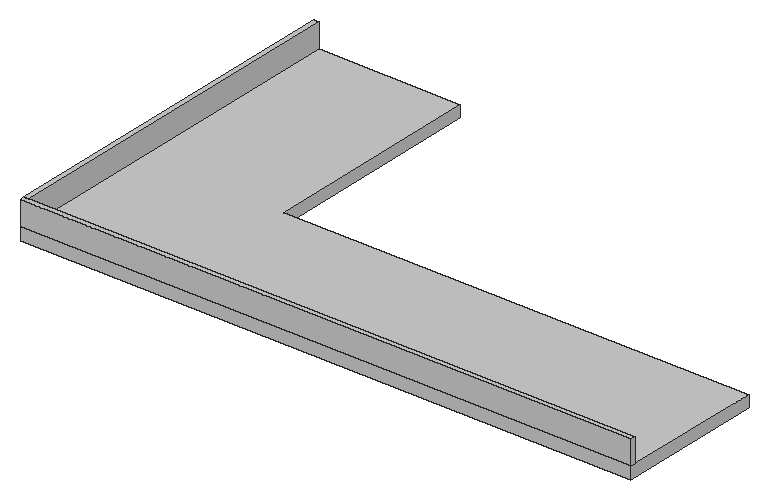
Revit family "Bancada_Lab_Ele_Seca", category Plumbing Fixtures, Revit 2025
Family settings
  Round Connector Dimension = Use Diameter
  Part Type = Normal
  OmniClass Number = 23.40.20.00
  OmniClass Title = General Furniture and Specialties
  Work Plane-Based = No
  Enable Cutting in Views = No
  Always vertical = Yes
  Cut with Voids When Loaded = No
  Maintain Annotation Orientation = No
  Shared = No
  Room Calculation Point = Yes
Parameters (values of type "BAN_060x090_ELE_SEC_LAB")
  Material_Bancada [instance] = CT_Bancadas_Labs
  Description = "Descrição do tipo"
  Default Elevation = 0.000 m
  Bancada_Profundidade = 0.600 m
  Bancada_Frente_2 [instance] = 1.500 m
  Bancada_Frente_1 [instance] = 2.500 m
  Bancada_Altura = 0.900 m
Reference planes (m)
  plane 1: y = -0.02
  plane 2: z = 0
  plane 3: x = 0
  plane 4 "Base Bancada": z = 0.9
  plane 5: y = 0.58
  plane 6: y = 1.48
  plane 7: x = 0.6
  plane 8: x = 2.5
  plane 9 "Centro E/I": z = 0.85
  plane 10: y = 0
  plane 11: x = 0.02
  plane 12: z = 1
Forms (m)
  Extrusion 1, solid, material "CT_Bancadas_Labs" <- "Material_Bancada"
    sketch origin (0, 0, 0) x (1, 0, 0) y (0, 1, 0)
      loop
        line (0, -0.02) -> (2.5, -0.02) -> (2.5, 0.58) -> (0.6, 0.58) -> (0.6, 1.48) -> (0, 1.48) -> (0, -0.02)
    from 0.85 to 0.9
  Extrusion 2, solid, material "CT_Bancadas_Labs" <- "Material_Bancada"
    sketch origin (0, 0, 0) x (1, 0, 0) y (0, 1, 0)
      loop
        line (0, -0.02) -> (2.5, -0.02) -> (2.5, 0) -> (0, 0) -> (0, -0.02)
    from 0.9 to 1
  Extrusion 3, solid, material "CT_Bancadas_Labs" <- "Material_Bancada"
    sketch origin (0, 0, 0) x (1, 0, 0) y (0, 1, 0)
      loop
        line (0, 0) -> (0.02, 0) -> (0.02, 1.48) -> (0, 1.48) -> (0, 0)
    from 0.9 to 1
Dimensions and locks (m)
  "Bancada_Altura": plane 4 "Base Bancada" to level
  plane 4 "Base Bancada" to plane 2 = 0.900 m
  "Bancada_Profundidade": plane 3 to plane 7
  "Bancada_Profundidade": plane 1 to plane 5
  "Bancada_Frente_1": plane 3 to plane 8
  "Bancada_Frente_2": plane 1 to plane 6
  locked: plane 9 "Centro E/I" to plane 4 "Base Bancada" at 0.05
  locked: plane 3 to plane 11 at 0.02
  locked: plane 1 to plane 10 at 0.02
  locked: plane 12 to plane 4 "Base Bancada" at 0.1
  aligned and locked: level to plane 2
  aligned and locked: plane 1 to Extrusion 1  (x2)
  aligned and locked: Extrusion 1 to plane 3  (x2)
  aligned and locked: plane 4 "Base Bancada" to Extrusion 1
  aligned and locked: Extrusion 1 sketch curve to plane 8
  aligned and locked: Extrusion 1 sketch curve to plane 3
  aligned and locked: plane 1 to Extrusion 1 sketch curve
  aligned and locked: Extrusion 1 sketch curve to plane 7
  aligned and locked: Extrusion 1 sketch curve to plane 5
  aligned and locked: plane 6 to Extrusion 1 sketch curve
  aligned and locked: Extrusion 1 to plane 9 "Centro E/I"
  aligned and locked: Extrusion 2 sketch curve to Extrusion 1
  aligned and locked: Extrusion 1 to Extrusion 2 sketch curve
  aligned and locked: plane 8 to Extrusion 2 sketch curve
  aligned and locked: plane 12 to Extrusion 2
  aligned and locked: Extrusion 2 to plane 4 "Base Bancada"
  aligned and locked: plane 10 to Extrusion 2
  aligned and locked: Extrusion 3 sketch curve to plane 3
  aligned and locked: plane 11 to Extrusion 3 sketch curve
  aligned and locked: Extrusion 3 sketch curve to plane 6
  aligned and locked: Extrusion 3 sketch curve to plane 10
  aligned and locked: Extrusion 2 to Extrusion 3
  aligned and locked: Extrusion 3 to plane 4 "Base Bancada"
Automatic sketch dimensions
  Extrusion 2 sketch curve to plane 1 = 0.020 m
